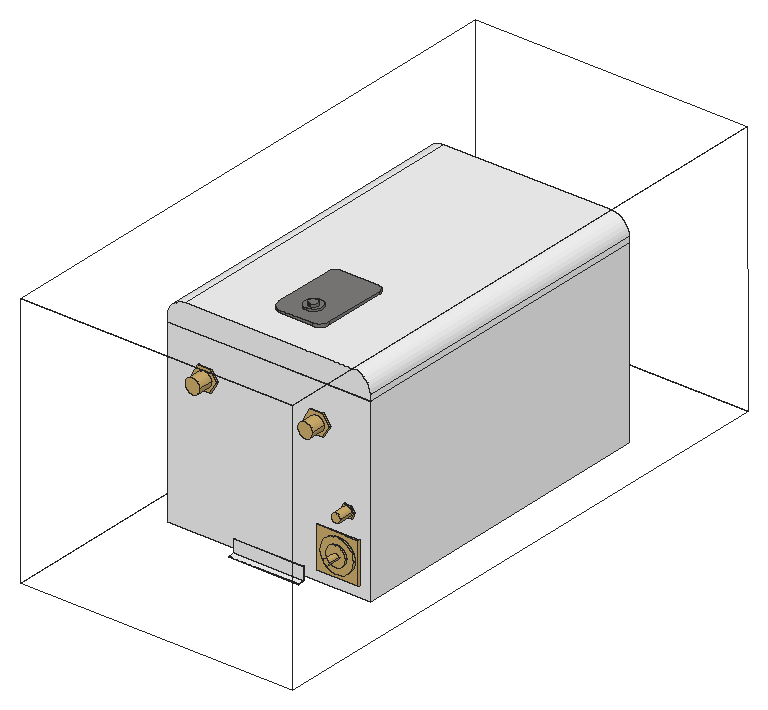
Revit family "Water_Boiler-Navien-NFB-Condensing-NFB-200", category Mechanical Equipment, host Face, Revit 2016
Family settings
  Host = Face
  Part Type = Normal
  Round Connector Dimension = Use Diameter
  OmniClass Number = 23.65.35.11
  OmniClass Title = Supply Water Heaters
  Cut with Voids When Loaded = No
  Shared = No
  Room Calculation Point = No
Parameters (values of type "NFB-200")
  Width = 1' - 5 77/256"  # constant formula
  Wi-Fi Ready = "NaviLink Wi‑Fi Control: This add-on accessory enables access to control temperatures remotely, access usage data and receive diagnostic notifications via smartphone or tablet."  # constant formula
  Weight = 123.00 lbf  # constant formula
  Water Pressure = "12–80 psi"  # constant formula
  Warranty Note = "Heat Exchangers: 15 years limited warranty (Residential), 10 years (Commercial) | Parts: 5 years (Residential), 3 years (Commercial) | Labor: 1 year (Residential), 1 year (Commercial)"  # constant formula
  Warranty = "https://www.navieninc.com/warranties"
  Voltage = 120 V
  Version = "2016 - v1.0.a"  # constant formula
  Venting Type = "Forced draft direct vent"  # constant formula
  Venting = if(and([2" Exhaust/Intake], [3" Exhaust/Intake]), "Select one Vent Option", if([2" Exhaust/Intake], "PVC, CPVC, PP | Size (2in) | Length (60 ft)", if([3" Exhaust/Intake], "PVC, CPVC, PP | Size (3in) | Length (150 ft)", "Select Vent Option")))  # "PVC, CPVC, PP | Size (2in) | Length (60 ft)"
  URL = "https://www.navieninc.com"
  Propane Gas Supply Pressure = "8.0\" to 13.5\" WC"  # constant formula
  Propane Gas Manifold Pressure = "-0.10\" to -0.45\" WC"  # constant formula
  Product Page URL = "https://www.navieninc.com/products/nfb-200"
  Product Name = "NFB Series Condensing Boiler"  # constant formula
  Product Documentation Link = "https://www.navieninc.com/downloads/navien-nfb-quickfacts-en"
  Power Factor = 1
  Phase = 1
  Number of Poles = 1
  Natural Gas Supply Pressure = "3.5\" to 10.5\" WC"  # constant formula
  Natural Gas Manifold Pressure = "-0.05\" to -0.20\" WC"  # constant formula
  Model = "NFB-200"  # constant formula
  Material = ""
  Manufacturer Phone Number = "(949) 420-0420"  # constant formula
  Manufacturer Fax Number = "(949) 420-0430"  # constant formula
  Manufacturer Address = "20 Goodyear, Irvine, CA 92618"  # constant formula
  Manufacturer = "Navien, Inc."  # constant formula
  Keynote = "22 33 00.A1"
  Intake = if([2" Exhaust/Intake], 2", 3")  # 2"
  Installation Type = "Indoor Wall-Hung"  # constant formula
  Ignition = "Electronic ignition"  # constant formula
  Hot Water Outlet = 1 1/4"  # constant formula
  Height = 2' - 3 77/128"  # constant formula
  Heating Capacity Note = "19,900–199,900(BTU/H)"  # constant formula
  Heating Capacity = 199900.0 Btu/h
  Gas Inlet = 3/4"  # constant formula
  Frequency = 60 Hz
  Flow Rate = 0 GPM
  Finish = Metal - Navien - White
  Exhaust = if([2" Exhaust/Intake], 2", 3")  # 2"
  Description = "NFB High-Efficiency Condensing Fire Tube Boiler"  # constant formula
  Depth = 1' - 5 77/256"  # constant formula
  Default Elevation = 4' - 0"
  Cold Water Inlet = 1 1/4"  # constant formula
  Certifications = "Energy Star | AHRI | CSA | ASME | CSA Blue Star | CSA Blue Flame"  # constant formula
  3" Exhaust/Intake = not([2" Exhaust/Intake])  # no
  2" Exhaust/Intake = yes
  Copyright = "All contents copyright © Navien Inc."  # constant formula
  Clearance [instance] = yes
  Assembly Code = "D3010500"
  Apparent Load = 0 VA
Reference planes (in)
  plane 1 "Center (Elevation)": y = 0
  plane 2: z = 0
  plane 3 "Center (Left/Right)": x = 0
  plane 4 "Top": y = 16.12695
  plane 5 "Left": x = -10.28125
  plane 6 "Bottom": y = -11.47461
  plane 7 "Right": x = 7.01953
  plane 8: z = 17.70078
  plane 9 "Center (Front/Back)": z = 8.85039
  plane 10: y = 18.79695
  plane 11: z = 0.4
  plane 12: x = -1.63086
  plane 13 "Condensate Outlet 1": z = 3.0018
  plane 14 "Condensate Outlet 2": x = 4.31875
  plane 15: z = 12.5
  plane 16 "Heating Supply": x = -7.08125
  plane 17 "Heating Return": x = 2.51875
  plane 18 "Gas Connection": z = 6.7
  plane 19: y = 2.32617
  plane 20: z = 21.70078
  plane 21: z = -0.1
Forms (in)
  Extrusion 1, solid, material "Metal - Navien - White" <- "Finish", detail levels medium+fine
    sketch origin (0, 0, 0) x (0, 1, 0) y (0, 0, 1)
      loop
        line (-11.4781, 1.12877) -> (-11.52126, 1.12877) -> (-11.52126, 0.04724) -> (-12.09194, 0.04724) -> (-12.09194, 0) -> (-11.4781, 0) -> (-11.4781, 1.12877)
    from -4.58124 to 1.3703
  Extrusion 2, solid, material "Metal - Navien - White" <- "Finish", detail levels medium+fine
    sketch origin (0, 0, 0) x (1, 0, 0) y (0, 0, 1)
      loop
        line (-10.28125, 15.75) -> (7.01953, 15.75) -> (7.01953, 16.2125)
        arc (7.01953, 16.2125) -> (6.58362, 17.26487) -> (5.53125, 17.70078) r 1.48828
        line (5.53125, 17.70078) -> (-8.78125, 17.70078)
        arc (-8.78125, 17.70078) -> (-9.84191, 17.26144) -> (-10.28125, 16.20078) r 1.5
        line (-10.28125, 16.20078) -> (-10.28125, 15.75)
    from -16.12695 to 11.47461
  Extrusion 3, solid, material "Metal - Navien - Brass, Soft Yellow"
    sketch origin (-3.25, 0, 0) x (-1, 0, 0) y (0, 0, -1)
      loop
        circle (4.99187, -12.56948) r 0.66749
    from -17.42437 to -16.12695
  Extrusion 4, solid, material "Metal - Navien - Black", detail levels medium+fine
    sketch origin (0, 19.32383, 5.90687) x (0, 1, 0) y (-1, 0, 0)
      loop
        arc (-21.15746, 3.16493) -> (-21.34721, 3.62302) -> (-21.80529, 3.81276) r 0.64783
        line (-21.80529, 3.81276) -> (-27.01433, 3.81276)
        arc (-27.01433, 3.81276) -> (-27.64587, 3.55117) -> (-27.90746, 2.91963) r 0.89314
        line (-27.90746, 2.91963) -> (-27.90746, 0.1692)
        arc (-27.90746, 0.1692) -> (-27.68779, -0.36113) -> (-27.15746, -0.5808) r 0.75
        line (-27.15746, -0.5808) -> (-21.78679, -0.5808)
        arc (-21.78679, -0.5808) -> (-21.34179, -0.39648) -> (-21.15746, 0.04853) r 0.62933
        line (-21.15746, 0.04853) -> (-21.15746, 3.16493)
    from 11.79391 to 12
  Extrusion 5, solid, material "Metal - Navien - Black", detail levels medium+fine
    sketch origin (0, 19.32383, 4.3925) x (0, 1, 0) y (-1, 0, 0)
      loop
        circle (-26.04399, 1.63904) r 0.38018
    from 13.51437 to 13.80828
  Extrusion 6, solid, material "Metal - Navien - Black", detail levels medium+fine
    sketch origin (0, 19.32383, 4.3925) x (0, 1, 0) y (-1, 0, 0)
      loop
        circle (-26.03131, 1.6317) r 0.75
    from 13.30828 to 13.64814
  Extrusion 7, solid, material "Metal - Navien - White" <- "Finish", detail levels medium+fine
    sketch origin (-3.37047, -180, 9.44422) x (0, 0, 1) y (0, -1, 0)
      loop
        line (6.30578, -168.59281) -> (6.25519, -168.59281) -> (6.25519, -168.52539) -> (-9.04422, -168.52539) -> (-9.04422, -196.12695) -> (6.25519, -196.12695) -> (6.25519, -196.09016) -> (6.30578, -196.09016) -> (6.30578, -168.59281)
    from -6.91078 to 10.39
  Extrusion 8, solid, material "Metal - Navien - Brass, Soft Yellow"
    sketch origin (0, 0, 0) x (1, 0, 0) y (0, 0, 1)
      loop
        line (-7.61818, 13.42102) -> (-8.17158, 12.5) -> (-7.55826, 11.62408) -> (-6.55826, 11.62408) -> (-5.97074, 12.60186) -> (-6.54432, 13.42102) -> (-7.61818, 13.42102)
      loop
        line (1.98182, 13.42102) -> (1.42842, 12.5) -> (2.04174, 11.62408) -> (3.04174, 11.62408) -> (3.62926, 12.60186) -> (3.05568, 13.42102) -> (1.98182, 13.42102)
      loop
        line (4.85542, 7.17504) -> (4.62132, 6.71558) -> (4.84406, 6.21528) -> (5.49115, 6.21528) -> (5.70898, 6.73123) -> (5.40013, 7.17504) -> (4.85542, 7.17504)
      loop
        line (2.57445, 4.80111) -> (2.57445, 1.30111) -> (6.07445, 1.30111) -> (6.07445, 4.80111) -> (2.57445, 4.80111)
    from 11.47461 to 11.59257
  Extrusion 9, solid, material "Metal - Navien - Brass, Soft Yellow"
    sketch origin (0, 0, 0) x (1, 0, 0) y (0, 0, 1)
      loop
        circle (-7.08466, 12.49537) r 0.625
      loop
        circle (2.51875, 12.5) r 0.625
      loop
        circle (5.13524, 6.7) r 0.375
      loop
        circle (4.32126, 3.04987) r 0.25
    from 11.47461 to 12.78461
  Extrusion 10, solid, material "Metal - Navien - Brass, Soft Yellow", detail levels medium+fine
    sketch origin (0.1875, 0, -0.0625) x (1, 0, 0) y (0, 0, 1)
      loop
        circle (4.17616, 3.13101) r 1.42959
    from 11.59257 to 11.73334
  Extrusion 11, solid, material "Metal - Navien - Brass, Soft Yellow", detail levels medium+fine
    sketch origin (0.1875, 0, -0.0625) x (1, 0, 0) y (0, 0, 1)
      loop
        circle (4.15906, 3.14811) r 0.83408
    from 11.73334 to 11.841
  Extrusion 12, solid, material "Metal - Navien - Brass, Soft Yellow", detail levels medium+fine
    sketch origin (0, 0, 0) x (1, 0, 0) y (0, 0, 1)
      loop
        arc (-8.70931, 11.36209) -> (-8.24187, 11.46877) -> (-7.77443, 11.36209) r 1.07739
        arc (-7.77443, 11.36209) -> (-6.94715, 12.56948) -> (-7.77443, 13.77688) r 1.29472
        arc (-7.77443, 13.77688) -> (-8.24187, 13.67019) -> (-8.70931, 13.77688) r 1.07739
        arc (-8.70931, 13.77688) -> (-9.53659, 12.56948) -> (-8.70931, 11.36209) r 1.29472
    from -16.12695 to -16.43192
  Extrusion 13, solid, material "Metal - Navien - White" <- "Finish", detail levels coarse
    sketch origin (0, 19.32383, 4.3925) x (0, 1, 0) y (-1, 0, 0)
      loop
        line (-3.19688, 10.28125) -> (-30.79844, 10.28125) -> (-30.79844, -7.01953) -> (-3.19688, -7.01953) -> (-3.19688, 10.28125)
    from -3.9925 to 13.30828
  Extrusion 14, solid, material "Clearances - Navien", visible <- "Clearance"
    sketch origin (0, 19.32383, 4.3925) x (0, 1, 0) y (-1, 0, 0)
      loop
        line (5.80312, 13.28125) -> (-42.79844, 13.28125) -> (-42.79844, -10.01953) -> (5.80312, -10.01953) -> (5.80312, 13.28125)
    from -4.4925 to 17.30828
Cuts and joins
  joined: Extrusion 4, Extrusion 5, Extrusion 6
  joined: Extrusion 8, Extrusion 9
Lines and regions (in)
  Split face 1
    outline origin (0, 19.32383, 17.90687) x (0, 1, 0) y (-1, 0, 0)
      loop
        line (-22.00951, 2.94276) -> (-23.25951, 2.94276) -> (-23.25951, 0.19276) -> (-22.00951, 0.19276) -> (-22.00951, 2.94276)
  Split face 2
    outline origin (0, 19.32383, 17.90687) x (0, 1, 0) y (-1, 0, 0)
      loop
        circle (-26.06161, 1.63904) r 1
  Split face 3
    outline origin (-3.16493, -1.83363, 17.90687) x (-1, 0, 0) y (0, -1, 0)
      loop
        line (-0.40505, 2.81895) -> (-0.40505, 3.1715) -> (-2.77222, 3.1715) -> (-2.77222, 2.81895) -> (-0.40505, 2.81895)
  Split face 4
    outline origin (-3.16493, -1.83363, 17.90687) x (-1, 0, 0) y (0, -1, 0)
      loop
        line (-2.97217, 2.10205) -> (-2.97217, 0.85205) -> (-0.22217, 0.85205) -> (-0.22217, 2.10205) -> (-2.97217, 2.10205)
  Split face 5
    outline origin (-3.16493, -1.83363, 17.90687) x (-1, 0, 0) y (0, -1, 0)
      loop
        circle (-1.52589, 4.90415) r 1
  model lines, style "Clearance", visible <- "Clearance"
    curve 1: line (-13.28125, 25.12695, -0.1) -> (-13.28125, -23.47461, -0.1)
    curve 2: line (-13.28125, -23.47461, -0.1) -> (10.01953, -23.47461, -0.1)
    curve 3: line (10.01953, -23.47461, -0.1) -> (10.01953, 25.12695, -0.1)
    curve 4: line (10.01953, 25.12695, -0.1) -> (-13.28125, 25.12695, -0.1)
    curve 5: line (10.01953, 25.12695, 21.70078) -> (10.01953, -23.47461, 21.70078)
    curve 6: line (10.01953, -23.47461, 21.70078) -> (-13.28125, -23.47461, 21.70078)
    curve 7: line (-13.28125, -23.47461, 21.70078) -> (-13.28125, 25.12695, 21.70078)
    curve 8: line (-13.28125, 25.12695, 21.70078) -> (10.01953, 25.12695, 21.70078)
    curve 9: line (10.01953, 25.12695, 21.70078) -> (10.01953, 25.12695, -0.1)
    curve 10: line (-13.28125, 25.12695, 21.70078) -> (-13.28125, 25.12695, -0.1)
    curve 11: line (10.01953, -23.47461, 21.70078) -> (10.01953, -23.47461, -0.1)
    curve 12: line (-13.28125, -23.47461, 21.70078) -> (-13.28125, -23.47461, -0.1)
Dimensions and locks (in)
  plane 5 "Left" to plane 3 "Center (Left/Right)" to plane 7 "Right" = 0' - 10 9/32", 0' - 7 5/256"
  "Width": plane 5 "Left" to plane 7 "Right"
  "Height": plane 4 "Top" to plane 6 "Bottom"
  "Depth": plane 8 to plane 11
  equal spacing: plane 8, plane 9 "Center (Front/Back)", level
  locked: plane 10 to plane 4 "Top" at 2.67
  locked: plane 11 to plane 2 at 0.4
  equal spacing: plane 7 "Right", plane 12, plane 5 "Left"
  locked: plane 13 "Condensate Outlet 1" to plane 11 at 2.6018
  locked: plane 14 "Condensate Outlet 2" to plane 7 "Right" at 2.70078
  locked: plane 8 to plane 15 at 5.20078
  plane 17 "Heating Return" to plane 16 "Heating Supply" to plane 5 "Left" = 0' - 9.6" locked, 0' - 3.2" locked
  locked: plane 18 "Gas Connection" to plane 11 at 6.3
  host face to plane 9 "Center (Front/Back)" = 0' - 8.85039"  (x2)
  locked: host sketch curve to plane 9 "Center (Front/Back)" at 8.85039  (x24)
  locked: Extrusion 1 to plane 9 "Center (Front/Back)" at 7.72162  (x2)
  locked: Extrusion 1 to plane 9 "Center (Front/Back)" at 8.80315  (x2)
  locked: Extrusion 1 to plane 9 "Center (Front/Back)" at 8.85039  (x2)
  locked: Extrusion 1 sketch curve to plane 9 "Center (Front/Back)" at 8.85039  (x10)
  locked: Extrusion 1 sketch curve to plane 9 "Center (Front/Back)" at 8.80315  (x10)
  locked: Extrusion 1 sketch curve to plane 9 "Center (Front/Back)" at 7.72162  (x10)
  locked: Extrusion 1 to level at 1.12877  (x2)
  locked: Extrusion 1 to level at 0.04724  (x2)
  locked: Extrusion 1 sketch curve to level at 0.04724  (x10)
  locked: Extrusion 1 sketch curve to level at 1.12877  (x10)
  locked: Extrusion 2 to plane 9 "Center (Front/Back)" at 8.85039  (x2)
  locked: Extrusion 2 to plane 9 "Center (Front/Back)" at 6.89961  (x2)
  locked: Extrusion 2 sketch curve to plane 9 "Center (Front/Back)" at 6.89961  (x10)
  locked: Extrusion 2 sketch curve to plane 9 "Center (Front/Back)" at 7.36211  (x4)
  locked: Extrusion 2 sketch curve to plane 9 "Center (Front/Back)" at 8.85039  (x10)
  locked: Extrusion 2 sketch curve to plane 9 "Center (Front/Back)" at 7.35039  (x4)
  locked: Extrusion 2 to level at 17.70078  (x2)
  locked: Extrusion 2 to level at 15.75  (x2)
  locked: Extrusion 2 sketch curve to level at 15.75  (x10)
  locked: Extrusion 2 sketch curve to level at 16.2125  (x4)
  locked: Extrusion 2 sketch curve to level at 17.70078  (x10)
  locked: Extrusion 2 sketch curve to level at 16.20078  (x4)
  locked: Extrusion 4 sketch curve to plane 9 "Center (Front/Back)" at 2.94352  (x48)
  locked: Extrusion 4 sketch curve to level at 5.90687  (x48)
  locked: Extrusion 5 sketch curve to plane 9 "Center (Front/Back)" at 4.45789  (x4)
  locked: Extrusion 5 sketch curve to level at 4.3925  (x4)
  locked: Extrusion 6 sketch curve to plane 9 "Center (Front/Back)" at 4.45789  (x4)
  locked: Extrusion 6 sketch curve to level at 4.3925  (x4)
  locked: Extrusion 7 to plane 9 "Center (Front/Back)" at 6.89961  (x2)
  locked: Extrusion 7 to plane 9 "Center (Front/Back)" at 6.84902  (x4)
  locked: Extrusion 7 to plane 9 "Center (Front/Back)" at 8.45039  (x2)
  locked: Extrusion 7 sketch curve to plane 9 "Center (Front/Back)" at 6.89961  (x10)
  locked: Extrusion 7 sketch curve to plane 9 "Center (Front/Back)" at 6.84902  (x20)
  locked: Extrusion 7 sketch curve to plane 9 "Center (Front/Back)" at 8.45039  (x10)
  locked: Extrusion 7 to level at 15.75  (x2)
  locked: Extrusion 7 to level at 15.69941  (x4)
  locked: Extrusion 7 to level at 0.4  (x2)
  locked: Extrusion 7 sketch curve to level at 15.75  (x10)
  locked: Extrusion 7 sketch curve to level at 15.69941  (x20)
  locked: Extrusion 7 sketch curve to level at 0.4  (x10)
  locked: Extrusion 8 sketch curve to plane 9 "Center (Front/Back)" at 4.57063  (x20)
  locked: Extrusion 8 sketch curve to plane 9 "Center (Front/Back)" at 3.75147  (x8)
  locked: Extrusion 8 sketch curve to plane 9 "Center (Front/Back)" at 2.77369  (x20)
  locked: Extrusion 8 sketch curve to plane 9 "Center (Front/Back)" at 3.64961  (x8)
  locked: Extrusion 8 sketch curve to plane 9 "Center (Front/Back)" at 2.11916  (x4)
  locked: Extrusion 8 sketch curve to plane 9 "Center (Front/Back)" at 1.67535  (x10)
  locked: Extrusion 8 sketch curve to plane 9 "Center (Front/Back)" at 2.63511  (x10)
  locked: Extrusion 8 sketch curve to plane 9 "Center (Front/Back)" at 2.13481  (x4)
  locked: Extrusion 8 sketch curve to plane 9 "Center (Front/Back)" at 4.04928  (x10)
  locked: Extrusion 8 sketch curve to plane 9 "Center (Front/Back)" at 7.54928  (x10)
  locked: Extrusion 8 sketch curve to level at 13.42102  (x20)
  locked: Extrusion 8 sketch curve to level at 12.60186  (x8)
  locked: Extrusion 8 sketch curve to level at 11.62408  (x20)
  locked: Extrusion 8 sketch curve to level at 12.5  (x8)
  locked: Extrusion 8 sketch curve to level at 6.73123  (x4)
  locked: Extrusion 8 sketch curve to level at 7.17504  (x10)
  locked: Extrusion 8 sketch curve to level at 6.21528  (x10)
  locked: Extrusion 8 sketch curve to level at 6.71558  (x4)
  locked: Extrusion 8 sketch curve to level at 4.80111  (x10)
  locked: Extrusion 8 sketch curve to level at 1.30111  (x10)
  plane 6 "Bottom" to Extrusion 1 sketch curve to Extrusion 1 sketch curve to Extrusion 1 sketch curve = 0' - 0.00349" locked, 0' - 0.04316" locked, 0' - 0.57068" locked
  locked: plane 8 to Extrusion 2 sketch curve at 1.95078
  locked: plane 6 "Bottom" to cut or joined group of Extrusion 8, Extrusion 9 at 1.31
  plane 6 "Bottom" to cut or joined group of Extrusion 8, Extrusion 9 to Extrusion 10 to Extrusion 11 = 0' - 0.11796" locked, 0' - 0.14077" locked, 0' - 0.10765" locked
  locked: Extrusion 11 sketch curve to plane 13 "Condensate Outlet 1" at 0.91788
  locked: plane 14 "Condensate Outlet 2" to Extrusion 11 sketch curve at 0.86189
  locked: Extrusion 10 sketch curve to plane 14 "Condensate Outlet 2" at 1.38468
  locked: plane 13 "Condensate Outlet 1" to Extrusion 10 sketch curve at 1.36287
  locked: plane 13 "Condensate Outlet 1" to Extrusion 9 sketch curve at 0.20193
  locked: plane 14 "Condensate Outlet 2" to Extrusion 9 sketch curve at 0.25251
  Extrusion 8 sketch curve to Extrusion 8 sketch curve to Extrusion 8 sketch curve to Extrusion 8 sketch curve to Extrusion 8 sketch curve to Extrusion 8 sketch curve to Extrusion 8 sketch curve to Extrusion 8 sketch curve to Extrusion 8 sketch curve to Extrusion 8 sketch curve to Extrusion 8 sketch curve to Extrusion 8 sketch curve to Extrusion 8 sketch curve to Extrusion 8 sketch curve to plane 12 to Extrusion 8 sketch curve to Extrusion 8 sketch curve to Extrusion 8 sketch curve to Extrusion 8 sketch curve to Extrusion 8 sketch curve to Extrusion 8 sketch curve = 0' - 0.36546" locked, 0' - 0.21784" locked, 0' - 0.09101" locked, 0' - 0.54471" locked, 0' - 0.01136" locked, 0' - 0.22275" locked, 0' - 0.99206" locked, 0' - 0.57358" locked, 0' - 0.01394" locked, 0' - 0.4673" locked, 0' - 0.5327" locked, 0' - 0.05993" locked, 0' - 0.5534" locked, 0' - 3.05928" locked, 0' - 4.33988" locked, 0' - 0.57358" locked, 0' - 0.01394" locked, 0' - 1" locked, 0' - 0.05993" locked, 0' - 0.5534" locked
  Extrusion 8 sketch curve to Extrusion 8 sketch curve to Extrusion 8 sketch curve to Extrusion 8 sketch curve to Extrusion 8 sketch curve to Extrusion 8 sketch curve to Extrusion 8 sketch curve to Extrusion 8 sketch curve to Extrusion 8 sketch curve to Extrusion 8 sketch curve to Extrusion 8 sketch curve to Extrusion 8 sketch curve to Extrusion 8 sketch curve to Extrusion 8 sketch curve to plane 11 = 0' - 0" locked, 0' - 0.81915" locked, 0' - 0" locked, 0' - 0.10186" locked, 0' - 0" locked, 0' - 0.87592" locked, 0' - 0" locked, 0' - 4.44903" locked, 0' - 0.44382" locked, 0' - 0.01565" locked, 0' - 0.5003" locked, 0' - 1.41417" locked, 0' - 3 1/2", 0' - 0.90111"
  locked: Extrusion 7 sketch curve to plane 6 "Bottom" at 0.06742
  locked: plane 12 to Extrusion 6 sketch curve at 0.74916
  locked: plane 6 "Bottom" to Extrusion 6 sketch curve at 4.01714
  equal spacing: plane 4 "Top", plane 19, plane 6 "Bottom"
  locked: plane 12 to Extrusion 5 sketch curve at 0.37199
  locked: plane 19 to Extrusion 5 sketch curve at 9.4265
  Extrusion 4 sketch curve to Extrusion 4 sketch curve to Extrusion 4 sketch curve to plane 12 to Extrusion 4 sketch curve to Extrusion 4 sketch curve to Extrusion 4 sketch curve = 0' - 0.64783" locked, 0' - 0.24531" locked, 0' - 1.28877" locked, 0' - 1.46166" locked, 0' - 0.12067" locked, 0' - 0.62933" locked
  plane 6 "Bottom" to Extrusion 4 sketch curve to Extrusion 4 sketch curve to Extrusion 4 sketch curve to Extrusion 4 sketch curve to Extrusion 4 sketch curve to Extrusion 4 sketch curve = 0' - 2.89098" locked, 0' - 0 3/4" locked, 0' - 0.14314" locked, 0' - 5.20904" locked, 0' - 0.0185" locked, 0' - 0.62933" locked
  locked: plane 11 to nested 1 at 4.1
  locked: nested 1 to plane 5 "Left" at 13.5
  locked: plane 11 to nested 2 at 4.3
  locked: nested 2 to plane 5 "Left" at 3.8
  locked: plane 20 to plane 8 at 4
  locked: Extrusion 13 to plane 21 at 0.5
  locked: Extrusion 14 sketch curve to plane 5 "Left" at 3
  locked: plane 7 "Right" to Extrusion 14 sketch curve at 3
  locked: Extrusion 14 sketch curve to plane 4 "Top" at 9
  locked: Extrusion 14 sketch curve to plane 6 "Bottom" at 12
  locked: plane 12 to Extrusion 3 sketch curve at 6.61101
  locked: Extrusion 3 sketch curve to level at 12.56948
  plane 12 to Extrusion 12 sketch curve to Extrusion 12 sketch curve to Extrusion 12 sketch curve to Extrusion 12 sketch curve = 0' - 6.14357" locked, 0' - 0" locked, 0' - 0.93488" locked, 0' - 0" locked
  Extrusion 12 sketch curve to Extrusion 12 sketch curve to Extrusion 12 sketch curve to Extrusion 12 sketch curve to level = 0' - 0" locked, 0' - 2.41479" locked, 0' - 0" locked, 0' - 11.36209" locked
  Extrusion 13 sketch curve to plane 12 to Extrusion 13 sketch curve = 0' - 8.65039" locked, 0' - 8.65039" locked
  Extrusion 13 sketch curve to plane 19 to Extrusion 13 sketch curve = 1' - 1 205/256" locked, 1' - 1 205/256" locked
  aligned and locked: plane 2 to host face
  aligned and locked: level to host face
  aligned and locked: plane 4 "Top" to Extrusion 2
  aligned and locked: plane 6 "Bottom" to Extrusion 2
  aligned and locked: Extrusion 3 to plane 4 "Top"
  aligned and locked: Extrusion 4 to plane 8
  aligned and locked: Extrusion 6 to plane 8
  aligned and locked: Extrusion 7 to plane 5 "Left"
  aligned and locked: Extrusion 7 to plane 7 "Right"
  aligned and locked: Extrusion 8 to plane 6 "Bottom"
  aligned and locked: Extrusion 9 to plane 6 "Bottom"
  aligned and locked: Extrusion 2 sketch curve to plane 5 "Left"
  aligned and locked: Extrusion 2 sketch curve to plane 7 "Right"
  aligned and locked: plane 8 to Extrusion 2 sketch curve
  aligned and locked: Extrusion 7 sketch curve to plane 4 "Top"
  aligned and locked: plane 6 "Bottom" to Extrusion 7 sketch curve
  aligned and locked: plane 20 to Extrusion 14
  aligned and locked: Extrusion 14 to plane 21
  aligned and locked: plane 20 to curve 11
  aligned and locked: plane 20 to curve 12
  aligned and locked: plane 20 to curve 9
  aligned and locked: plane 20 to curve 10
Automatic sketch dimensions
  host sketch curve to host sketch curve = 3' - 11 9/32"
  host sketch curve to host sketch curve = 3' - 8"
  level to Extrusion 1 sketch curve = 0' - 0"
  plane 7 "Right" to Extrusion 2 sketch curve = 0' - 1 125/256"
  Extrusion 2 sketch curve to Extrusion 2 sketch curve = 0' - 0.45078"
  Split face 1 sketch curve to Extrusion 4 = 0' - 0.87"
  Split face 1 sketch curve to Extrusion 4 = 0' - 2.10205"
  Split face 1 sketch curve to Extrusion 4 = 0' - 0.85205"
  Split face 1 sketch curve to Extrusion 4 = 0' - 0.77356"
  Split face 2 sketch curve to Extrusion 4 = 0' - 1.84585"
  Split face 2 sketch curve to Extrusion 4 = 0' - 2.17372"
  Split face 3 sketch curve to cut or joined group of Extrusion 4, Extrusion 5, Extrusion 6 = 0' - 0.97352"
  Split face 3 sketch curve to cut or joined group of Extrusion 4, Extrusion 5, Extrusion 6 = 0' - 1.05288"
  Split face 3 sketch curve to cut or joined group of Extrusion 4, Extrusion 5, Extrusion 6 = 0' - 2.81895"
  Split face 3 sketch curve to Split face 3 sketch curve = 0' - 0.35256"
  Extrusion 7 sketch curve to plane 4 "Top" = 0' - 0.03679"
  plane 7 "Right" to Extrusion 9 sketch curve = 0' - 1.88429"
  Extrusion 9 sketch curve to plane 9 "Center (Front/Back)" = 0' - 2.15039"
  plane 9 "Center (Front/Back)" to Extrusion 9 sketch curve = 0' - 3.64961"
  plane 9 "Center (Front/Back)" to Extrusion 9 sketch curve = 0' - 3.64498"
  plane 3 "Center (Left/Right)" to Extrusion 9 sketch curve = 0' - 2.51875"
  Extrusion 5 sketch curve to plane 12 = 0' - 0.00818"
  Extrusion 6 sketch curve to plane 12 = 0' - 0.00084"
  plane 5 "Left" to Extrusion 9 sketch curve = 0' - 3.19659"
  Extrusion 12 sketch curve to Extrusion 12 sketch curve = 0' - 0"
  Extrusion 12 sketch curve to plane 16 "Heating Supply" = 0' - 1.16062"
  Extrusion 12 sketch curve to Extrusion 12 sketch curve = 0' - 2.1781"
  Extrusion 12 sketch curve to Extrusion 12 sketch curve = 0' - 0.97071"
  Split face 4 sketch curve to cut or joined group of Extrusion 4, Extrusion 5, Extrusion 6 = 0' - 0.87"
  Split face 4 sketch curve to cut or joined group of Extrusion 4, Extrusion 5, Extrusion 6 = 0' - 0.85205"
  Split face 4 sketch curve to Split face 4 sketch curve = 0' - 1 1/4"
  Split face 4 sketch curve to cut or joined group of Extrusion 4, Extrusion 5, Extrusion 6 = 0' - 0.77356"
  Split face 5 sketch curve to Split face 5 sketch curve = 0' - 0"  (x2)
  Split face 5 sketch curve to cut or joined group of Extrusion 4, Extrusion 5, Extrusion 6 = 0' - 2.17372"
  Split face 5 sketch curve to cut or joined group of Extrusion 4, Extrusion 5, Extrusion 6 = 0' - 1.84585"
  Split face 5 sketch curve to Split face 5 sketch curve = 0' - 1"
  curve 5 to plane 7 "Right" = 0' - 3"
  plane 10 to curve 8 = 0' - 6.33"
  curve 7 to plane 5 "Left" = 0' - 3"
  plane 6 "Bottom" to curve 7 = 1' - 0"
  curve 11 to plane 21 = 0' - 0"
  curve 11 to plane 20 = 0' - 0"
  curve 12 to plane 21 = 0' - 0"
  curve 12 to plane 20 = 0' - 0"
  curve 11 to plane 7 "Right" = 0' - 3"
  curve 12 to plane 5 "Left" = 0' - 3"
  curve 10 to plane 20 = 0' - 0"
  curve 10 to plane 21 = 0' - 0"
  curve 9 to plane 21 = 0' - 0"
  curve 9 to plane 20 = 0' - 0"
  curve 10 to plane 5 "Left" = 0' - 3"
  curve 9 to plane 7 "Right" = 0' - 3"
  curve 2 to plane 7 "Right" = 0' - 3"
  plane 6 "Bottom" to curve 2 = 1' - 0"
  curve 2 to plane 5 "Left" = 0' - 3"
  plane 10 to curve 1 = 0' - 6.33"
  radius of Split face 2 sketch curve = 0' - 1"
  radius of Extrusion 9 sketch curve = 0' - 0 5/8"  (x2)
  radius of Extrusion 9 sketch curve = 0' - 0 3/8"
  radius of Extrusion 9 sketch curve = 0' - 0 1/4"
  radius of Extrusion 10 sketch curve = 0' - 1.42959"
  radius of Extrusion 11 sketch curve = 0' - 0.83408"
  radius of Extrusion 3 sketch curve = 0' - 0.66749"
Nested families (in)
  nested 1: "Intake_Exhaust" at (3.21875, 16.12695, 4.5) x (0, 0, -1) z (0, 1, 0), type "Intake_Exhaust"
  nested 2: "Intake_Exhaust" at (-6.48125, 16.12695, 4.7) x (0, 0, -1) z (0, 1, 0), type "Intake_Exhaust"
Connectors (in)
  piping at (-7.08466, -12.78461, 12.49537), diameter 1.25, driven by "Cold Water Inlet"
    settings: on cut or joined group of Extrusion 8, Extrusion 9, index 1, connector inside diameter 24", connector length 0' - 0", flow factor 0, pipe flow 0 GPM, pressure drop 0.00 psi, fitting loss kfactor 0, connector angle 0.00°, fixture units 0, engagement length 0' - 0", angle of deflection 0.00°, flow configuration 0, flow direction 1, fitting loss method 0, system type 20, joint type 0, gender type 0, connector reference index -1, connector utility 0, adjustable connector no, is connector primary yes, connector description "Heating Supply Connection"
  piping at (5.13524, -12.78461, 6.7), diameter 0.75, driven by "Gas Inlet"
    settings: on cut or joined group of Extrusion 8, Extrusion 9, index 2, connector inside diameter 24", connector length 0' - 0", flow factor 0, pipe flow 0 GPM, pressure drop 0.00 psi, fitting loss kfactor 0, connector angle 0.00°, fixture units 0, engagement length 0' - 0", angle of deflection 0.00°, flow configuration 0, flow direction 1, fitting loss method 0, system type 22, joint type 0, gender type 0, connector reference index -1, connector utility 0, adjustable connector no, is connector primary no, connector description "Natural Gas Connection"
  piping at (2.51875, -12.78461, 12.5), diameter 1.25, driven by "Hot Water Outlet"
    settings: on cut or joined group of Extrusion 8, Extrusion 9, index 3, connector inside diameter 24", connector length 0' - 0", flow factor 0, pipe flow 0 GPM, pressure drop 0.00 psi, fitting loss kfactor 0, connector angle 0.00°, fixture units 0, engagement length 0' - 0", angle of deflection 0.00°, flow configuration 0, flow direction 2, fitting loss method 0, system type 19, joint type 0, gender type 0, connector reference index -1, connector utility 0, adjustable connector no, is connector primary no, connector description "Heating Return Connection"
  piping at (4.32126, -12.78461, 3.04987), diameter 0.5
    settings: on cut or joined group of Extrusion 8, Extrusion 9, index 7, connector inside diameter 24", connector length 0' - 0", flow factor 0, pipe flow 0 GPM, pressure drop 0.00 psi, fitting loss kfactor 0, connector angle 0.00°, fixture units 0, engagement length 0' - 0", angle of deflection 0.00°, flow configuration 0, flow direction 0, fitting loss method 0, system type 7, joint type 0, gender type 0, connector reference index -1, connector utility 0, adjustable connector no, is connector primary no, connector description "Condensate Outlet Connection"
  hvac at (3.21875, 18.24138, 4.5), driven by "Exhaust"
    settings: on nested 1, index 8, duct flow 0 CFM, flow factor 0, pres drop 0.00 in-wg, loss coef 0, conn angle 0.00°, conn width 12", conn height 12", conn diameter 2", duct sys type 3, conn prof type 0, flow config 0, flow direction 2, loss method 0, conn ref index -1, conn util no, is conn primary yes, conn desc "Exhaust Gas Vent Connection"
  hvac at (-6.48125, 18.24138, 4.7), driven by "Exhaust"
    settings: on nested 2, index 9, duct flow 0 CFM, flow factor 0, pres drop 0.00 in-wg, loss coef 0, conn angle 0.00°, conn width 12", conn height 12", conn diameter 2", duct sys type 4, conn prof type 0, flow config 0, flow direction 1, loss method 0, conn ref index -1, conn util no, is conn primary no, conn desc "Air Intake Connection"
  piping at (-8.24187, 17.42437, 12.56948), diameter 0.75
    settings: on Extrusion 3, index 10, connector inside diameter 24", connector length 0' - 0", flow factor 0, pipe flow 0 GPM, pressure drop 0.00 psi, fitting loss kfactor 0, connector angle 0.00°, fixture units 0, engagement length 0' - 0", angle of deflection 0.00°, flow configuration 0, flow direction 2, fitting loss method 0, system type 22, joint type 0, gender type 0, connector reference index -1, connector utility 0, adjustable connector no, is connector primary no, connector description "Pressure Relief Valve Connection"
  electrical at (-1.63086, 2.32617, 0.4), driven by "Power Factor", driven by "Apparent Load", driven by "Voltage", driven by "Number of Poles"
    settings: on Extrusion 7, index 11, voltage 120 V, apparent load 0 VA, apparent load phase1 0 VA, apparent load phase2 0 VA, apparent load phase3 0 VA, power factor 1, load classification "Other", number of poles 1, system type 31, power factor state 1, is connector primary yes, connector utility no, sub classification motor no, connector description "Electrical Connector"
Definition of nested family "Intake_Exhaust"
  Parameters (values of type "Intake_Exhaust")
    Finish = none
    Default Elevation = 4' - 0"
  Reference planes (in)
    plane 1 "Center (Front/Back)": y = 0
    plane 2: z = 0
    plane 3 "Center (Left/Right)": x = 0
    plane 4: x = -1.46602
    plane 5: x = 1.46602
    plane 6: y = -1.45577
    plane 7: y = 1.45577
  Forms (in)
    Extrusion 1, solid
      sketch origin (0, 0, 0) x (1, 0, 0) y (0, 1, 0)
        loop
          line (-48, 48) -> (-48, -48) -> (48, -48) -> (48, 48) -> (-48, 48)
      from 0 to -12
    Extrusion 2, solid, material <- "Finish", detail levels fine
      sketch origin (0, 0, 0) x (1, 0, 0) y (0, 1, 0)
        loop
          arc (0.9965, 1.70215) -> (0.51624, 1.90363) -> (0, 1.97239) r 1.97239
          arc (0, 1.97239) -> (-0.51624, 1.90363) -> (-0.9965, 1.70215) r 1.97239
          line (-0.9965, 1.70215) -> (-1.43788, 1.70215)
          arc (-1.43788, 1.70215) -> (-1.60414, 1.64015) -> (-1.6892, 1.48443) r 0.25391
          line (-1.6892, 1.48443) -> (-1.6892, 1.0183)
          arc (-1.6892, 1.0183) -> (-1.90027, 0.52847) -> (-1.97239, 0) r 1.97239
          arc (-1.97239, 0) -> (-1.90027, -0.52847) -> (-1.6892, -1.0183) r 1.97239
          line (-1.6892, -1.0183) -> (-1.6892, -1.48443)
          arc (-1.6892, -1.48443) -> (-1.60414, -1.64015) -> (-1.43788, -1.70215) r 0.25391
          line (-1.43788, -1.70215) -> (-0.9965, -1.70215)
          arc (-0.9965, -1.70215) -> (-0.51624, -1.90363) -> (0, -1.97239) r 1.97239
          arc (0, -1.97239) -> (0.51624, -1.90363) -> (0.9965, -1.70215) r 1.97239
          line (0.9965, -1.70215) -> (1.43788, -1.70215)
          arc (1.43788, -1.70215) -> (1.60414, -1.64015) -> (1.6892, -1.48443) r 0.25391
          line (1.6892, -1.48443) -> (1.6892, -1.0183)
          arc (1.6892, -1.0183) -> (1.90027, -0.52847) -> (1.97239, 0) r 1.97239
          arc (1.97239, 0) -> (1.90027, 0.52847) -> (1.6892, 1.0183) r 1.97239
          line (1.6892, 1.0183) -> (1.6892, 1.48443)
          arc (1.6892, 1.48443) -> (1.60414, 1.64015) -> (1.43788, 1.70215) r 0.25391
          line (1.43788, 1.70215) -> (0.9965, 1.70215)
      from 0 to 0.34785
    Extrusion 3, solid, material <- "Finish", detail levels fine
      sketch origin (0, 0, 0) x (1, 0, 0) y (0, 0, 1)
        loop
          line (-1.4392, 1.43851) -> (-1.57327, 1.43851) -> (-1.97024, 0.34785) -> (-1.4392, 0.34785) -> (-1.4392, 1.43851)
      from -0.0824 to 0.06448
    Extrusion 4, solid, material <- "Finish", detail levels fine
      sketch origin (0, 0, 0) x (-1, 0, 0) y (0, 0, -1)
        loop
          line (-1.4392, -1.43851) -> (-1.4392, -0.34785) -> (-1.97024, -0.34785) -> (-1.57327, -1.43851) -> (-1.4392, -1.43851)
      from -0.0824 to 0.06448
    Extrusion 5, solid, material <- "Finish", detail levels fine
      sketch origin (-0.01835, 0.01025, 0) x (0, 1, 0) y (0, 0, 1)
        loop
          line (-1.4624, 1.43851) -> (-1.58098, 1.43851) -> (-1.97795, 0.34785) -> (-1.4624, 0.34785) -> (-1.4624, 1.43851)
      from -0.06791 to 0.09876
    Extrusion 6, solid, material <- "Finish", detail levels fine
      sketch origin (-0.01835, -0.01025, 0) x (0, -1, 0) y (0, 0, -1)
        loop
          line (-1.4624, -1.43851) -> (-1.4624, -0.34785) -> (-1.97795, -0.34785) -> (-1.58098, -1.43851) -> (-1.4624, -1.43851)
      from -0.06791 to 0.09876
    Extrusion 7, solid, material <- "Finish", detail levels fine
      sketch origin (0, 0, 0) x (1, 0, 0) y (0, 1, 0)
        loop
          circle (0, 0) r 1.34645
        loop
          circle (0, 0) r 1.25
      from 0.17664 to 2.11443
    Extrusion 8, solid, material <- "Finish", detail levels fine
      sketch origin (0, 0, 0) x (1, 0, 0) y (0, 1, 0)
        loop
          circle (0, 0) r 1.5792
        loop
          circle (0, 0) r 1.34645
      from 0 to 1.4562
    Extrusion 9, solid, material <- "Finish", detail levels coarse+medium
      sketch origin (0, 0, 0) x (1, 0, 0) y (0, 1, 0)
        loop
          line (-1.6892, 1.70215) -> (-1.6892, -1.70215) -> (1.6892, -1.70215) -> (1.6892, 1.70215) -> (-1.6892, 1.70215)
      from 0 to 0.34785
    Extrusion 10, solid, material <- "Finish", detail levels medium
      sketch origin (0, 0, 0) x (1, 0, 0) y (0, 1, 0)
        loop
          circle (0, 0) r 1.97239
      from 0 to 0.34785
    Extrusion 11, solid, material <- "Finish", detail levels coarse+medium
      sketch origin (0, 0, 0) x (1, 0, 0) y (0, 1, 0)
        loop
          circle (0, 0) r 1.34645
      from 0.34785 to 2.11443
  Dimensions and locks (in)
    aligned and locked: plane 2 to Extrusion 1
    aligned and locked: level to Extrusion 1
